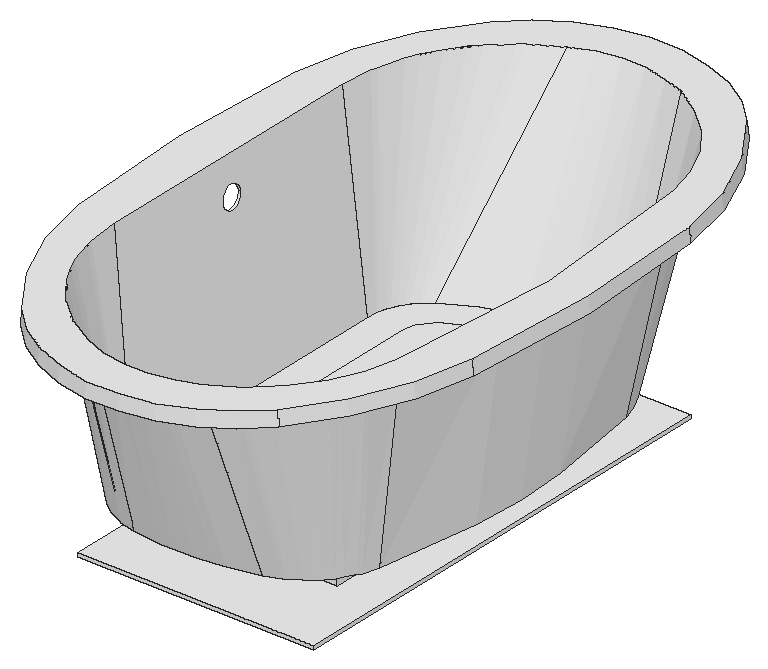
Revit family "Bathtub_Contemporary_Pacifica_ABA904L_TOTO", category Plumbing Fixtures, host Face, Revit 2013
Parameters
  ecoScorecard data = "http://products.ecoscorecard.com/toto/ABA904L"
  ecoScorecard Product Page = "http://toto.ecoscorecard.com/product/ABA904L?action=html"
  Width = 42"
  Waste Connection Radius = Waste Connection NPT / 2  # 1"
  Waste Connection NPT = 2"
  Warranty URL = "http://www.totousa.com/warranty-registration"
  Warranty = "1 Year Limited Warranty on acrylic tub; 1 Year Limited Warranty on components and parts"  # constant formula
  Voltage = 120 V
  URL = "http://www.totousa.com"
  Toto BIM Number = "BM-00158"  # constant formula
  Subcategory = "Bathtubs"  # constant formula
  Style = "Commercial"  # constant formula
  Spec Sheet URL = "http://www.totousa.com/Portals/0/ProductDownloads/SS-00193_ABA904.pdf"
  Shipping Weight = 150.00 lbf
  Series = "Pacifica"  # constant formula
  Product Page URL = " "
  Phase = 1
  Parts Manual URL = " "
  Owners Manual URL = "  "
  Number of Poles = 1
  Model = "ABA904L"  # constant formula
  Manufacturer Toll Free Phone = "1-888-295-8134"  # constant formula
  Manufacturer Phone = "(770) 282-8686"  # constant formula
  Manufacturer Fax = "(770) 282-0002"  # constant formula
  Manufacturer Email = "mailto:custservice@totousa.com "
  Manufacturer Address = "1155 Southern Road, Morrow, Georgia 30260"  # constant formula
  Manufacturer = "TOTO USA, Inc."  # constant formula
  Installation URL = " "
  Industry Standards = "1800 VA"
  Height = 24 7/8"
  Full Load Amps = 15 A
  Frequency = 60 Hz
  Finish = Metal - TOTO - Chrome - Polished
  Description = "Air Bathtub"  # constant formula
  Depth = 72"
  Default Elevation = 48"
  Cost Info = "mailto:custservice@totousa.com "
  Color Availability = "#01  Cotton, #12  Sedona Beige"  # constant formula
  CAD Drawing URL = "http://www.totousa.com/Portals/0/ProductDownloads/AD-00137_ABA904L.dxf"
  Bottom Plate = Metal - TOTO - Chrome - Polished
  Blower Motor Power = 746 W
  Assembly Code = "D2010510"
  Apparent Power = 0 VA
  95 CSI = "15410"
  04 CSI = "22 42 19"
Types (2): name | ecoScorecard Product Page
  (no name) | "http://toto.ecoscorecard.com/product/ABA904L?action=html"
  ABA904L | "  "
Reference planes (in)
  plane 1 "Center (Front/Back)": y = 0
  plane 2: z = 0
  plane 3 "Center (Left/Right)": x = 0
Dimensions and locks (in)
  aligned and locked: plane 2 to host face
  aligned and locked: level to host face
Nested families (in)
  nested 1: "ABA904L" at (0, 0, 0), type "ABA904L"
Connectors (in)
  piping at (-11.12598, 0, 3.87795), driven by "Waste Connection Radius"
    settings: on nested 1, index 1, connector radius 1", flow factor 0, pipe flow 0 GPM, pressure drop 0.00 psi, fitting loss kfactor 0, connector angle 0.00°, fixture units 0, engagement length 0", flow configuration 3, flow direction 2, fitting loss method 0, system type 16, joint type 0, gender type 0, connector reference index -1, connector utility 0, adjustable connector no, is connector primary yes, fitting loss table "", connector description "Waste Outlet Connection"
  electrical at (0, 0, 0.37402), driven by "Voltage", driven by "Apparent Power"
    settings: on nested 1, index 2, voltage 120 V, apparent load 0 VA, apparent load phase1 0 VA, apparent load phase2 0 VA, apparent load phase3 0 VA, power factor 1, load classification "Other", number of poles 1, system type 30, power factor state 1, is connector primary yes, connector utility no, sub classification motor no, connector description "Power Connection"
Definition of nested family "ABA904L"
  Parameters (values of type "ABA904L")
    ecoScorecard_data = ""
    ecoScorecard Product Page = ""
    Waste Connection Radius = Waste Connection NPT / 2  # 1"
    Waste Connection NPT = 2"
    Waste Connection = yes
    WFU = 0
    Voltage = 120 V
    Vent Connection = yes
    URL = "http://www.totousa.com"
    Toto Version = "V.01"  # constant formula
    Toto BIM Number = "BM-00158"  # constant formula
    Subcategory = "Baths"  # constant formula
    Shipping Weight = 150.00 lbf
    Series = "Pacifica"  # constant formula
    Product URL = "http://www.totousa.com/ProductDetail/tabid/75/Default.aspx?ProductId=48977f5f-a465-45be-bc1d-a4ea1bef5338&SearchId=0f5ff97b-e3c5-4b7a-b9a4-97cfa500d1ac"
    Phase = 1
    Number of Poles = 1
    Nominal Width = 42"  # constant formula
    Nominal Length = 72"  # constant formula
    Nominal Height = 24.87402"  # constant formula
    Model = "ABA904L"  # constant formula
    Manufacturer = "TOTO USA, Inc."  # constant formula
    HWFU = 0
    HW Connection = no
    Full Load Amps = 15 A
    Frequency = 60 Hz
    Finish = Metal - TOTO - Chrome - Polished
    Description = "Air Bathtub"
    Default Elevation = 0"
    CWFU = 0
    CW Connection = no
    CADworks URL = "http://www.CADworks.net"
    Bottom Plate = Metal - TOTO - Chrome - Polished
    Blower Motor Power = 745.7 VA
    Assembly Code = "D2010510"
    Apparent Power = Voltage * Full Load Amps  # 1800 VA
  Reference planes (in)
    plane 1 "Center (Front/Back)": y = 0
    plane 2: z = 0
    plane 3 "Center (Left/Right)": x = 0
    plane 4: x = -21
    plane 5: x = 21
    plane 6: y = 36
    plane 7 "Wall Closure": y = -36
    plane 8: z = 24.87402
    plane 9: z = 23.37402
    plane 10: z = 3.42913
    plane 11: z = 21.12205
    plane 12: z = 3.87795
    plane 13: x = -11.12598
    plane 14: z = 4.15354
  Forms (in)
    Extrusion 1, solid
      sketch origin (0, 0, 0) x (1, 0, 0) y (0, 1, 0)
        loop
          line (-48, 48) -> (-48, -48) -> (48, -48) -> (48, 48) -> (-48, 48)
      from 0 to -12
    Extrusion 2, solid, material "Metal - TOTO - Chrome - Polished" <- "Bottom Plate", detail levels fine
      sketch origin (0, 0, 0) x (1, 0, 0) y (0, 1, 0)
        loop
          line (-12, 24) -> (-12, -24) -> (12, -24) -> (12, 24) -> (-12, 24)
      from 0 to 0.37402
    Extrusion 3, solid, material "Metal - TOTO - Chrome - Polished" <- "Finish", detail levels medium+fine
      sketch origin (0, 0, 0.37402) x (1, 0, 0) y (0, 1, 0)
        loop
          line (-3.87402, 11.75197) -> (-3.87402, 15.25197) -> (-7.37402, 15.25197) -> (-7.37402, 11.75197) -> (-3.87402, 11.75197)
        loop
          line (3.87402, 11.75197) -> (7.37402, 11.75197) -> (7.37402, 15.25197) -> (3.87402, 15.25197) -> (3.87402, 11.75197)
        loop
          line (-3.87402, -11.75197) -> (-7.37402, -11.75197) -> (-7.37402, -15.25197) -> (-3.87402, -15.25197) -> (-3.87402, -11.75197)
        loop
          line (3.87402, -11.75197) -> (3.87402, -15.25197) -> (7.37402, -15.25197) -> (7.37402, -11.75197) -> (3.87402, -11.75197)
      from -0.37402 to 3.05512
    Blend 4, solid, material "Metal - TOTO - Chrome - Polished" <- "Finish", detail levels medium+fine
      base sketch origin (-49.69148, -180, 3.42913) x (-1, 0, 0) y (0, -1, 0)
        loop
          arc (-44.50644, -199.65354) -> (-41.72255, -198.50042) -> (-40.56943, -195.71654) r 3.93701
          line (-40.56943, -195.71654) -> (-40.56943, -182.09842)
          arc (-40.56943, -182.09842) -> (-40.60998, -181.849) -> (-40.72744, -181.62527) r 0.7874
          arc (-40.72744, -181.62527) -> (-41.27022, -180) -> (-40.72744, -178.37473) r 2.70472
          arc (-40.72744, -178.37473) -> (-40.60998, -178.151) -> (-40.56943, -177.90158) r 0.7874
          line (-40.56943, -177.90158) -> (-40.56943, -164.28346)
          arc (-40.56943, -164.28346) -> (-41.72255, -161.49958) -> (-44.50644, -160.34646) r 3.93701
          line (-44.50644, -160.34646) -> (-52.90801, -160.34646)
          arc (-52.90801, -160.34646) -> (-57.08384, -162.07614) -> (-58.81353, -166.25197) r 5.90551
          line (-58.81353, -166.25197) -> (-58.81353, -193.74803)
          arc (-58.81353, -193.74803) -> (-57.08384, -197.92386) -> (-52.90801, -199.65354) r 5.90551
          line (-52.90801, -199.65354) -> (-44.50644, -199.65354)
      top sketch origin (-49.69148, -180, 3.42913) x (-1, 0, 0) y (0, -1, 0)
        loop
          arc (-44.50644, -200.6378) -> (-41.02658, -199.19639) -> (-39.58518, -195.71654) r 4.92126
          line (-39.58518, -195.71654) -> (-39.58518, -183.09722)
          arc (-39.58518, -183.09722) -> (-39.70485, -182.62685) -> (-40.03476, -182.27086) r 0.98425
          arc (-40.03476, -182.27086) -> (-41.27022, -180) -> (-40.03476, -177.72914) r 2.70472
          arc (-40.03476, -177.72914) -> (-39.70485, -177.37315) -> (-39.58518, -176.90278) r 0.98425
          line (-39.58518, -176.90278) -> (-39.58518, -164.28346)
          arc (-39.58518, -164.28346) -> (-41.02658, -160.80361) -> (-44.50644, -159.3622) r 4.92126
          line (-44.50644, -159.3622) -> (-52.90801, -159.3622)
          arc (-52.90801, -159.3622) -> (-57.77981, -161.38017) -> (-59.79778, -166.25197) r 6.88976
          line (-59.79778, -166.25197) -> (-59.79778, -193.74803)
          arc (-59.79778, -193.74803) -> (-57.77981, -198.61983) -> (-52.90801, -200.6378) r 6.88976
          line (-52.90801, -200.6378) -> (-44.50644, -200.6378)
      from 0 to 0.44882
    Blend 5, solid, material "Metal - TOTO - Chrome - Polished" <- "Finish", detail levels medium+fine
      base sketch origin (-49.69148, -180, 3.87795) x (-1, 0, 0) y (0, -1, 0)
        loop
          line (-35.69148, -195.00235) -> (-35.69148, -164.99765)
          arc (-35.69148, -164.99765) -> (-37.70243, -159.56399) -> (-42.76626, -156.74864) r 8.34646
          arc (-42.76626, -156.74864) -> (-49.07688, -156.455) -> (-55.30705, -157.50149) r 29.72705
          arc (-55.30705, -157.50149) -> (-59.47991, -159.99244) -> (-61.81855, -164.25253) r 9.26772
          arc (-61.81855, -164.25253) -> (-63.69148, -180) -> (-61.81855, -195.74747) r 67.1383
          arc (-61.81855, -195.74747) -> (-59.47991, -200.00756) -> (-55.30705, -202.49851) r 9.26772
          arc (-55.30705, -202.49851) -> (-49.07688, -203.545) -> (-42.76626, -203.25136) r 29.72705
          arc (-42.76626, -203.25136) -> (-37.70243, -200.43601) -> (-35.69148, -195.00235) r 8.34646
      top sketch origin (-49.69148, -180, 3.87795) x (-1, 0, 0) y (0, -1, 0)
        loop
          line (-33.63242, -194.5) -> (-33.63242, -165.5)
          arc (-33.63242, -165.5) -> (-36.46812, -156.06795) -> (-44.03496, -149.76337) r 17.10421
          arc (-44.03496, -149.76337) -> (-49.66786, -148.61389) -> (-55.30076, -149.76337) r 14.37645
          arc (-55.30076, -149.76337) -> (-61.92864, -154.86372) -> (-65.24962, -162.53924) r 16.68752
          arc (-65.24962, -162.53924) -> (-66.60617, -180) -> (-65.24962, -197.46076) r 113.05139
          arc (-65.24962, -197.46076) -> (-61.92864, -205.13628) -> (-55.30076, -210.23663) r 16.68752
          arc (-55.30076, -210.23663) -> (-49.66786, -211.38611) -> (-44.03496, -210.23663) r 14.37645
          arc (-44.03496, -210.23663) -> (-36.46812, -203.93205) -> (-33.63242, -194.5) r 17.10421
      from 0 to 19.49606
    Blend 6, solid, material "Metal - TOTO - Chrome - Polished" <- "Finish", detail levels medium+fine
      base sketch origin (-49.69148, -180, 23.37402) x (-1, 0, 0) y (0, -1, 0)
        loop
          arc (-36.54187, -209.94094) -> (-31.82174, -202.4056) -> (-29.49857, -193.82283) r 30.22428
          arc (-29.49857, -193.82283) -> (-28.69098, -180) -> (-29.49857, -166.17717) r 118.70154
          arc (-29.49857, -166.17717) -> (-31.82174, -157.5944) -> (-36.54187, -150.05906) r 30.22428
          arc (-36.54187, -150.05906) -> (-49.69148, -144) -> (-62.84109, -150.05906) r 17.29843
          arc (-62.84109, -150.05906) -> (-67.56121, -157.5944) -> (-69.88439, -166.17717) r 30.22428
          arc (-69.88439, -166.17717) -> (-70.69198, -180) -> (-69.88439, -193.82283) r 118.70154
          arc (-69.88439, -193.82283) -> (-67.56121, -202.4056) -> (-62.84109, -209.94094) r 30.22428
          arc (-62.84109, -209.94094) -> (-49.69148, -216) -> (-36.54187, -209.94094) r 17.29843
      top sketch origin (-49.69148, -180, 23.37402) x (-1, 0, 0) y (0, -1, 0)
        loop
          arc (-29.63151, -193.80725) -> (-28.82484, -180) -> (-29.63151, -166.19275) r 118.56768
          arc (-29.63151, -166.19275) -> (-31.9444, -157.648) -> (-36.64363, -150.14603) r 30.09042
          arc (-36.64363, -150.14603) -> (-49.69148, -144.13386) -> (-62.73933, -150.14603) r 17.16457
          arc (-62.73933, -150.14603) -> (-67.43856, -157.648) -> (-69.75144, -166.19275) r 30.09042
          arc (-69.75144, -166.19275) -> (-70.55812, -180) -> (-69.75144, -193.80725) r 118.56768
          arc (-69.75144, -193.80725) -> (-67.43856, -202.352) -> (-62.73933, -209.85397) r 30.09042
          arc (-62.73933, -209.85397) -> (-49.69148, -215.86614) -> (-36.64363, -209.85397) r 17.16457
          arc (-36.64363, -209.85397) -> (-31.9444, -202.352) -> (-29.63151, -193.80725) r 30.09042
      from 0 to 1.5
    Blend 7, void
      base sketch origin (-49.69148, -180, 4.15354) x (0, -1, 0) y (1, 0, 0)
        loop
          line (-195.00913, 35.93557) -> (-164.99087, 35.93557)
          arc (-164.99087, 35.93557) -> (-162.0469, 36.66584) -> (-159.78553, 38.68732) r 6.29921
          arc (-159.78553, 38.68732) -> (-156.68766, 47.18788) -> (-158.02172, 56.13643) r 18.37603
          arc (-158.02172, 56.13643) -> (-160.64502, 59.70845) -> (-164.60844, 61.69145) r 9.44882
          arc (-164.60844, 61.69145) -> (-180, 63.44738) -> (-195.39156, 61.69145) r 68.33488
          arc (-195.39156, 61.69145) -> (-199.35498, 59.70845) -> (-201.97828, 56.13643) r 9.44882
          arc (-201.97828, 56.13643) -> (-203.31234, 47.18788) -> (-200.21447, 38.68732) r 18.37603
          arc (-200.21447, 38.68732) -> (-197.9531, 36.66584) -> (-195.00913, 35.93557) r 6.29921
      top sketch origin (-49.69148, -180, 4.15354) x (0, -1, 0) y (1, 0, 0)
        loop
          arc (-210.53524, 55.44289) -> (-211.83954, 49.66786) -> (-210.53524, 43.89283) r 13.43713
          arc (-210.53524, 43.89283) -> (-203.98256, 36.50984) -> (-194.5, 33.76628) r 17.75906
          line (-194.5, 33.76628) -> (-165.5, 33.76628)
          arc (-165.5, 33.76628) -> (-156.01744, 36.50984) -> (-149.46476, 43.89283) r 17.75906
          arc (-149.46476, 43.89283) -> (-148.16046, 49.66786) -> (-149.46476, 55.44289) r 13.43713
          arc (-149.46476, 55.44289) -> (-154.78938, 61.93656) -> (-162.52766, 65.19822) r 17.48203
          arc (-162.52766, 65.19822) -> (-180, 66.56692) -> (-197.47234, 65.19822) r 112.20759
          arc (-197.47234, 65.19822) -> (-205.21062, 61.93656) -> (-210.53524, 55.44289) r 17.48203
      from 0 to 20.72047
    Extrusion 8, void
      sketch origin (-49.69148, -180, 4.15354) x (0, -1, 0) y (-1, 0, 0)
        loop
          circle (-180, -38.56549) r 1
      from 0 to 0.27559
    Extrusion 9, solid, material "Metal - TOTO - Chrome - Polished" <- "Finish", detail levels medium+fine
      sketch origin (-49.69148, -180, 4.15354) x (-1, 0, 0) y (0, -1, 0)
        loop
          arc (-39.97126, -182.31071) -> (-41.27022, -180) -> (-39.97126, -177.68929) r 2.70472
          arc (-39.97126, -177.68929) -> (-39.62484, -177.33074) -> (-39.49857, -176.84843) r 0.98425
          line (-39.49857, -176.84843) -> (-39.49857, -165.0429)
          arc (-39.49857, -165.0429) -> (-39.96362, -163.27508) -> (-41.23839, -161.96496) r 3.59252
          arc (-41.23839, -161.96496) -> (-48.13606, -159.82602) -> (-55.23902, -161.1302) r 15.12012
          arc (-55.23902, -161.1302) -> (-57.29176, -162.696) -> (-58.44107, -165.00783) r 5.68898
          arc (-58.44107, -165.00783) -> (-60.19148, -180) -> (-58.44107, -194.99217) r 65.07898
          arc (-58.44107, -194.99217) -> (-57.29176, -197.304) -> (-55.23902, -198.8698) r 5.68898
          arc (-55.23902, -198.8698) -> (-48.13606, -200.17398) -> (-41.23839, -198.03504) r 15.12012
          arc (-41.23839, -198.03504) -> (-39.96362, -196.72492) -> (-39.49857, -194.9571) r 3.59252
          line (-39.49857, -194.9571) -> (-39.49857, -183.15157)
          arc (-39.49857, -183.15157) -> (-39.62484, -182.66926) -> (-39.97126, -182.31071) r 0.98425
      from -0.05906 to 0.05906
    Extrusion 10, void
      sketch origin (0, 0, 0) x (0, 1, 0) y (0, 0, 1)
        loop
          circle (0, 21.12205) r 1.18898
      from -21 to -11.12598
    Extrusion 11, solid, material "Metal - TOTO - Chrome - Polished" <- "Finish", detail levels coarse
      sketch origin (0, 0, 0) x (1, 0, 0) y (0, 1, 0)
        loop
          arc (-20.19291, 13.82283) -> (-21.0005, 0) -> (-20.19291, -13.82283) r 118.70154
          arc (-20.19291, -13.82283) -> (-17.86974, -22.4056) -> (-13.14961, -29.94094) r 30.22428
          arc (-13.14961, -29.94094) -> (0, -36) -> (13.14961, -29.94094) r 17.29843
          arc (13.14961, -29.94094) -> (17.86974, -22.4056) -> (20.19291, -13.82283) r 30.22428
          arc (20.19291, -13.82283) -> (21.0005, 0) -> (20.19291, 13.82283) r 118.70154
          arc (20.19291, 13.82283) -> (17.86974, 22.4056) -> (13.14961, 29.94094) r 30.22428
          arc (13.14961, 29.94094) -> (0, 36) -> (-13.14961, 29.94094) r 17.29843
          arc (-13.14961, 29.94094) -> (-17.86974, 22.4056) -> (-20.19291, 13.82283) r 30.22428
      from 0 to 24.87402
  Cuts and joins
    Blend 7, Extrusion 8, Extrusion 10 cuts Blend 5
    Blend 7, Extrusion 8, Extrusion 10 cuts Blend 6
    Extrusion 10 cuts Extrusion 9
    joined: Blend 5, Blend 6, Extrusion 9
    Extrusion 8 cuts Blend 4
  Lines and regions (in)
    symbolic lines
      curve 1: arc (-13.14961, 29.94094, 0) -> (0, 36, 0) -> (13.14961, 29.94094, 0) r 17.29843
      curve 2: arc (-20.19291, 13.82283, 0) -> (-17.86974, 22.4056, 0) -> (-13.14961, 29.94094, 0) r 30.22428
      curve 3: arc (13.14961, 29.94094, 0) -> (17.86974, 22.4056, 0) -> (20.19291, 13.82283, 0) r 30.22428
      curve 4: arc (20.19291, 13.82283, 0) -> (21.0005, 0, 0) -> (20.19291, -13.82283, 0) r 118.70154
      curve 5: arc (20.19291, -13.82283, 0) -> (17.86974, -22.4056, 0) -> (13.14961, -29.94094, 0) r 30.22428
      curve 6: arc (13.14961, -29.94094, 0) -> (0, -36, 0) -> (-13.14961, -29.94094, 0) r 17.29843
      curve 7: arc (-13.14961, -29.94094, 0) -> (-17.86974, -22.4056, 0) -> (-20.19291, -13.82283, 0) r 30.22428
      curve 8: arc (-20.19291, -13.82283, 0) -> (-21.0005, 0, 0) -> (-20.19291, 13.82283, 0) r 118.70154
    symbolic lines, detail levels medium+fine
      curve 9: arc (-13.04785, 29.85397, 0) -> (-17.74708, 22.352, 0) -> (-20.05997, 13.80725, 0) r 30.09042
      curve 10: arc (-20.05997, 13.80725, 0) -> (-20.86664, 0, 0) -> (-20.05997, -13.80725, 0) r 118.56768
      curve 11: arc (-20.05997, -13.80725, 0) -> (-17.74708, -22.352, 0) -> (-13.04785, -29.85397, 0) r 30.09042
      curve 12: arc (-13.04785, -29.85397, 0) -> (0, -35.86614, 0) -> (13.04785, -29.85397, 0) r 17.16457
      curve 13: arc (13.04785, -29.85397, 0) -> (17.74708, -22.352, 0) -> (20.05997, -13.80725, 0) r 30.09042
      curve 14: arc (20.05997, -13.80725, 0) -> (20.86664, 0, 0) -> (20.05997, 13.80725, 0) r 118.56768
      curve 15: arc (20.05997, 13.80725, 0) -> (17.74708, 22.352, 0) -> (13.04785, 29.85397, 0) r 30.09042
      curve 16: arc (13.04785, 29.85397, 0) -> (0, 35.86614, 0) -> (-13.04785, 29.85397, 0) r 17.16457
      curve 17: arc (-5.79865, -30.53524, 0) -> (-13.18164, -23.98256, 0) -> (-15.9252, -14.5, 0) r 17.75906
      curve 18: line (-15.9252, -14.5, 0) -> (-15.9252, 14.5, 0)
      curve 19: arc (-15.9252, 14.5, 0) -> (-13.18164, 23.98256, 0) -> (-5.79865, 30.53524, 0) r 17.75906
      curve 20: arc (-5.79865, 30.53524, 0) -> (-0.02362, 31.83954, 0) -> (5.75141, 30.53524, 0) r 13.43713
      curve 21: arc (5.75141, 30.53524, 0) -> (12.24509, 25.21062, 0) -> (15.50674, 17.47234, 0) r 17.48203
      curve 22: arc (15.50674, 17.47234, 0) -> (16.87544, 0, 0) -> (15.50674, -17.47234, 0) r 112.20759
      curve 23: arc (15.50674, -17.47234, 0) -> (12.24509, -25.21062, 0) -> (5.75141, -30.53524, 0) r 17.48203
      curve 24: arc (5.75141, -30.53524, 0) -> (-0.02362, -31.83954, 0) -> (-5.79865, -30.53524, 0) r 13.43713
      curve 25: arc (-11.00416, -20.21447, 0) -> (-2.5036, -23.31234, 0) -> (6.44495, -21.97828, 0) r 18.37603
      curve 26: arc (-13.75591, -15.00913, 0) -> (-13.02564, -17.9531, 0) -> (-11.00416, -20.21447, 0) r 6.29921
      curve 27: line (-13.75591, 15.00913, 0) -> (-13.75591, -15.00913, 0)
      curve 28: line (-10.19291, -3.15157, 0) -> (-10.19291, -14.9571, 0)
      curve 29: arc (-10.19291, -14.9571, 0) -> (-9.72786, -16.72492, 0) -> (-8.45309, -18.03504, 0) r 3.59252
      curve 30: arc (-8.45309, -18.03504, 0) -> (-1.55541, -20.17398, 0) -> (5.54754, -18.8698, 0) r 15.12012
      curve 31: arc (5.54754, -18.8698, 0) -> (7.60029, -17.304, 0) -> (8.74959, -14.99217, 0) r 5.68898
      curve 32: arc (8.74959, -14.99217, 0) -> (10.5, 0, 0) -> (8.74959, 14.99217, 0) r 65.07898
      curve 33: arc (6.44495, -21.97828, 0) -> (10.01697, -19.35498, 0) -> (11.99997, -15.39156, 0) r 9.44882
      curve 34: arc (11.99997, -15.39156, 0) -> (13.75591, 0, 0) -> (11.99997, 15.39156, 0) r 68.33488
      curve 35: arc (8.74959, 14.99217, 0) -> (7.60029, 17.304, 0) -> (5.54754, 18.8698, 0) r 5.68898
      curve 36: arc (5.54754, 18.8698, 0) -> (-1.55541, 20.17398, 0) -> (-8.45309, 18.03504, 0) r 15.12012
      curve 37: arc (11.99997, 15.39156, 0) -> (10.01697, 19.35498, 0) -> (6.44495, 21.97828, 0) r 9.44882
      curve 38: arc (6.44495, 21.97828, 0) -> (-2.5036, 23.31234, 0) -> (-11.00416, 20.21447, 0) r 18.37603
      curve 39: arc (-11.00416, 20.21447, 0) -> (-13.02564, 17.9531, 0) -> (-13.75591, 15.00913, 0) r 6.29921
      curve 40: arc (-8.45309, 18.03504, 0) -> (-9.72786, 16.72492, 0) -> (-10.19291, 14.9571, 0) r 3.59252
      curve 41: line (-10.19291, 14.9571, 0) -> (-10.19291, 3.15157, 0)
      curve 42: arc (-10.19291, 3.15157, 0) -> (-10.06664, 2.66926, 0) -> (-9.72022, 2.31071, 0) r 0.98425
      curve 43: arc (-9.72022, 2.31071, 0) -> (-8.42126, 0, 0) -> (-9.72022, -2.31071, 0) r 2.70472
      curve 44: arc (-9.72022, -2.31071, 0) -> (-10.06664, -2.66926, 0) -> (-10.19291, -3.15157, 0) r 0.98425
      curve 45: arc (-11.12598, 1, 0) -> (-10.12598, 0, 0) -> (-11.12598, -1, 0) r 1
      curve 46: arc (-11.12598, -1, 0) -> (-12.12598, 0, 0) -> (-11.12598, 1, 0) r 1
      curve 47: spline (-15.53239, 1.18808, 0) -> (-15.50024, 1.14903, 0) -> (-15.47025, 1.03113, 0) -> (-15.44447, 0.84245, 0) -> (-15.42468, 0.59596, 0) -> (-15.41224, 0.30857, 0) -> (-15.40799, 0, 0) -> (-15.41224, -0.30857, 0) -> (-15.42468, -0.59596, 0) -> (-15.44447, -0.84245, 0) -> (-15.47025, -1.03113, 0) -> (-15.50024, -1.14903, 0) -> (-15.53239, -1.18808, 0)
      curve 48: spline (-15.53239, -1.18808, 0) -> (-15.56454, -1.14903, 0) -> (-15.59454, -1.03113, 0) -> (-15.62031, -0.84245, 0) -> (-15.6401, -0.59596, 0) -> (-15.65255, -0.30857, 0) -> (-15.65679, 0, 0) -> (-15.65255, 0.30857, 0) -> (-15.6401, 0.59596, 0) -> (-15.62031, 0.84245, 0) -> (-15.59454, 1.03113, 0) -> (-15.56454, 1.14903, 0) -> (-15.53239, 1.18808, 0)
      curve 53: line (20.86664, 0, 24.87402) -> (-20.86664, 0, 24.87402)
      curve 54: line (-21.0005, 0, 23.37402) -> (21.0005, 0, 23.37402)
      curve 55: line (-14, 0, 3.87795) -> (14, 0, 3.87795)
      curve 56: line (-9.12205, 0, 3.42913) -> (9.12205, 0, 3.42913)
      curve 57: line (9.12205, 0, 3.42913) -> (10.1063, 0, 3.87795)
      curve 58: line (-9.12205, 0, 3.42913) -> (-10.1063, 0, 3.87795)
      curve 59: line (-14, 0, 3.87795) -> (-16.05906, 0, 23.37402)
      curve 60: line (-20.86664, 0, 24.87402) -> (-21.0005, 0, 23.37402)
      curve 61: line (20.86664, 0, 24.87402) -> (21.0005, 0, 23.37402)
      curve 62: line (14, 0, 3.87795) -> (16.91469, 0, 23.37402)
      curve 63: line (-7.37402, 0, 3.42913) -> (-7.37402, 0, 0.37402)
      curve 64: line (-3.87402, 0, 3.42913) -> (-3.87402, 0, 0.37402)
      curve 65: line (3.87402, 0, 3.42913) -> (3.87402, 0, 0.37402)
      curve 66: line (7.37402, 0, 3.42913) -> (7.37402, 0, 0.37402)
      curve 81: line (0, 35.86614, 24.87402) -> (0, -35.86614, 24.87402)
      curve 82: line (0, -36, 23.37402) -> (0, 36, 23.37402)
      curve 83: line (0, -23.59843, 3.87795) -> (0, 23.59843, 3.87795)
      curve 84: line (0, -19.65354, 3.42913) -> (0, 19.65354, 3.42913)
      curve 85: spline (0, -1.18806, 21.12205) -> (0, -1.14904, 20.81494) -> (0, -1.03115, 20.52846) -> (0, -0.84248, 20.28226) -> (0, -0.59599, 20.09324) -> (0, -0.30858, 19.97437) -> (0, 0, 19.93383) -> (0, 0.30858, 19.97437) -> (0, 0.59599, 20.09324) -> (0, 0.84248, 20.28226) -> (0, 1.03115, 20.52846) -> (0, 1.14904, 20.81494) -> (0, 1.18806, 21.12205)
      curve 86: spline (0, 1.18806, 21.12205) -> (0, 1.14904, 21.42915) -> (0, 1.03115, 21.71563) -> (0, 0.84248, 21.96184) -> (0, 0.59599, 22.15086) -> (0, 0.30858, 22.26972) -> (0, 0, 22.31027) -> (0, -0.30858, 22.26972) -> (0, -0.59599, 22.15086) -> (0, -0.84248, 21.96184) -> (0, -1.03115, 21.71563) -> (0, -1.14904, 21.42915) -> (0, -1.18806, 21.12205)
      curve 87: line (0, -35.86614, 24.87402) -> (0, -36, 23.37402)
      curve 88: line (0, 35.86614, 24.87402) -> (0, 36, 23.37402)
      curve 89: line (0, 23.59843, 3.87795) -> (0, 31.4022, 23.37402)
      curve 90: line (0, -23.59843, 3.87795) -> (0, -31.38611, 23.37402)
      curve 91: line (0, -19.65354, 3.42913) -> (0, -20.6378, 3.87795)
      curve 92: line (0, 19.65354, 3.42913) -> (0, 20.6378, 3.87795)
      curve 93: line (0, 15.25197, 3.42913) -> (0, 15.25197, 0.37402)
      curve 94: line (0, 11.75197, 3.42913) -> (0, 11.75197, 0.37402)
      curve 95: line (0, -11.75197, 3.42913) -> (0, -11.75197, 0.37402)
      curve 96: line (0, -15.25197, 3.42913) -> (0, -15.25197, 0.37402)
    symbolic lines, detail levels coarse
      curve 49: line (-21.0005, 0, 24.87402) -> (21.0005, 0, 24.87402)
      curve 50: line (-21.0005, 0, 0) -> (-21.0005, 0, 24.87402)
      curve 51: line (21.0005, 0, 0) -> (-21.0005, 0, 0)
      curve 52: line (21.0005, 0, 24.87402) -> (21.0005, 0, 0)
      curve 77: line (0, 36, 24.87402) -> (0, -36, 24.87402)
      curve 78: line (0, 36, 0) -> (0, 36, 24.87402)
      curve 79: line (0, -36, 0) -> (0, 36, 0)
      curve 80: line (0, -36, 24.87402) -> (0, -36, 0)
    symbolic lines, detail levels medium
      curve 67: line (-7.37402, 0, 0.37402) -> (-7.37402, 0, 0)
      curve 68: line (-7.37402, 0, 0) -> (-3.87402, 0, 0)
      curve 69: line (-3.87402, 0, 0) -> (-3.87402, 0, 0.37402)
      curve 70: line (3.87402, 0, 0.37402) -> (3.87402, 0, 0)
      curve 71: line (3.87402, 0, 0) -> (7.37402, 0, 0)
      curve 72: line (7.37402, 0, 0) -> (7.37402, 0, 0.37402)
      curve 97: line (0, -11.75197, 0.37402) -> (0, -11.75197, 0)
      curve 98: line (0, -11.75197, 0) -> (0, -15.25197, 0)
      curve 99: line (0, -15.25197, 0) -> (0, -15.25197, 0.37402)
      curve 100: line (0, 15.25197, 0.37402) -> (0, 15.25197, 0)
      curve 101: line (0, 15.25197, 0) -> (0, 11.75197, 0)
      curve 102: line (0, 11.75197, 0) -> (0, 11.75197, 0.37402)
    symbolic lines, detail levels fine
      curve 73: line (-12, 0, 0.37402) -> (12, 0, 0.37402)
      curve 74: line (-12, 0, 0) -> (-12, 0, 0.37402)
      curve 75: line (12, 0, 0) -> (-12, 0, 0)
      curve 76: line (12, 0, 0.37402) -> (12, 0, 0)
      curve 103: line (0, 24, 0.37402) -> (0, -24, 0.37402)
      curve 104: line (0, 24, 0) -> (0, 24, 0.37402)
      curve 105: line (0, -24, 0) -> (0, 24, 0)
      curve 106: line (0, -24, 0.37402) -> (0, -24, 0)
  Dimensions and locks (in)
    "Nominal Width": plane 4 to plane 5
    equal spacing: plane 4, plane 3 "Center (Left/Right)", plane 5
    "Nominal Length": plane 7 "Wall Closure" to plane 6
    equal spacing: plane 7 "Wall Closure", plane 1 "Center (Front/Back)", plane 6
    locked: Extrusion 2 sketch curve to Extrusion 2 sketch curve at 24
    equal spacing: Extrusion 2 sketch curve, plane 3 "Center (Left/Right)", Extrusion 2 sketch curve
    locked: Extrusion 2 sketch curve to Extrusion 2 sketch curve at 48
    equal spacing: Extrusion 2 sketch curve, plane 1 "Center (Front/Back)", Extrusion 2 sketch curve
    "Nominal Height": plane 8 to plane 2
    locked: plane 8 to plane 9 at 1.5
    locked: plane 8 to plane 11 at 3.75197
    locked: Extrusion 2 to plane 2 at 0.37402
    locked: Extrusion 3 sketch curve to Extrusion 3 sketch curve at 3.5  (x8)
    locked: plane 12 to plane 10 at 0.44882
    locked: plane 4 to plane 13 at 9.87402
    locked: plane 14 to plane 12 at 0.27559
    locked: plane 13 to Extrusion 8 sketch curve at 0
    locked: Extrusion 8 sketch curve to plane 1 "Center (Front/Back)" at 0
    Extrusion 9 to plane 14 to Extrusion 9 = 0.05906" locked, 0.05906" locked
    locked: Extrusion 10 sketch curve to plane 1 "Center (Front/Back)" at 0
    locked: Extrusion 10 sketch curve to plane 11 at 0
    Blend 6 sketch curve to Blend 6 sketch curve to plane 1 "Center (Front/Back)" to Blend 6 sketch curve to Blend 6 sketch curve = 16.11811" locked, 13.82283" locked, 13.82283" locked, 16.11811" locked  (x2)
    Blend 6 sketch curve to Blend 6 sketch curve to plane 3 "Center (Left/Right)" to Blend 6 sketch curve to Blend 6 sketch curve = 7.04331" locked, 13.14961" locked, 13.14961" locked, 7.04331" locked  (x2)
    Blend 6 sketch curve to Blend 6 sketch curve to plane 1 "Center (Front/Back)" to Blend 6 sketch curve to Blend 6 sketch curve = 16.04673" locked, 13.80725" locked, 13.80725" locked, 16.04673" locked  (x2)
    Blend 6 sketch curve to Blend 6 sketch curve to plane 3 "Center (Left/Right)" to Blend 6 sketch curve to Blend 6 sketch curve = 7.01211" locked, 13.04785" locked, 13.04785" locked, 7.01211" locked  (x2)
    Blend 7 sketch curve to Blend 7 sketch curve to plane 1 "Center (Front/Back)" to Blend 7 sketch curve to Blend 7 sketch curve = 5.20534" locked, 15.00913" locked, 15.00913" locked, 5.20534" locked
    Blend 7 sketch curve to Blend 7 sketch curve to plane 1 "Center (Front/Back)" to Blend 7 sketch curve to Blend 7 sketch curve = 6.58672" locked, 15.39156" locked, 15.39156" locked, 6.58672" locked
    Blend 7 sketch curve to Blend 7 sketch curve to plane 3 "Center (Left/Right)" to Blend 7 sketch curve to Blend 7 sketch curve = 2.75175" locked, 11.00416" locked, 6.44495" locked, 5.55501" locked
    Blend 7 sketch curve to plane 3 "Center (Left/Right)" to Blend 7 sketch curve to Blend 7 sketch curve = 11.00416" locked, 6.44495" locked, 5.55501" locked
    Blend 7 sketch curve to Blend 7 sketch curve to plane 1 "Center (Front/Back)" to Blend 7 sketch curve to Blend 7 sketch curve = 16.03524" locked, 14 1/2" locked, 14 1/2" locked, 16.03524" locked
    Blend 7 sketch curve to Blend 7 sketch curve to plane 1 "Center (Front/Back)" to Blend 7 sketch curve to Blend 7 sketch curve = 13.0629" locked, 17.47234" locked, 17.47234" locked, 13.0629" locked
    Blend 7 sketch curve to Blend 7 sketch curve to plane 3 "Center (Left/Right)" to Blend 7 sketch curve to Blend 7 sketch curve = 10.12654" locked, 5.79865" locked, 5.75141" locked, 9.75534" locked
    Blend 7 sketch curve to plane 3 "Center (Left/Right)" to Blend 7 sketch curve to Blend 7 sketch curve = 5.79865" locked, 5.75141" locked, 9.75534" locked
    Extrusion 9 sketch curve to Extrusion 9 sketch curve to Extrusion 9 sketch curve to Extrusion 9 sketch curve to plane 1 "Center (Front/Back)" to Extrusion 9 sketch curve to Extrusion 9 sketch curve to Extrusion 9 sketch curve to Extrusion 9 sketch curve = 3.07794" locked, 11.80553" locked, 0.84087" locked, 2.31071" locked, 2.31071" locked, 0.84087" locked, 11.80553" locked, 3.07794" locked
    Extrusion 9 sketch curve to Extrusion 9 sketch curve to plane 1 "Center (Front/Back)" to Extrusion 9 sketch curve to Extrusion 9 sketch curve = 3.87763" locked, 14 127/128" locked, 14 127/128" locked, 3.87763" locked
    Extrusion 9 sketch curve to Extrusion 9 sketch curve to plane 3 "Center (Left/Right)" to Extrusion 9 sketch curve to Extrusion 9 sketch curve = 1.73983" locked, 8.45309" locked, 5.54754" locked, 3.20205" locked  (x2)
    locked: Extrusion 9 sketch curve to Extrusion 9 sketch curve at 0.47269  (x2)
    Blend 4 sketch curve to Blend 4 sketch curve to Blend 4 sketch curve to Blend 4 sketch curve to plane 1 "Center (Front/Back)" to Blend 4 sketch curve to Blend 4 sketch curve to Blend 4 sketch curve to Blend 4 sketch curve = 3.93701" locked, 13.61811" locked, 0.47315" locked, 1.62527" locked, 1.62527" locked, 0.47315" locked, 13.61811" locked, 3.93701" locked
    Blend 4 sketch curve to plane 1 "Center (Front/Back)" to Blend 4 sketch curve = 13.74803" locked, 13.74803" locked  (x2)
    Blend 4 sketch curve to Blend 4 sketch curve to plane 3 "Center (Left/Right)" to Blend 4 sketch curve to Blend 4 sketch curve = 3.93701" locked, 5.18504" locked, 3.21654" locked, 5.90551" locked
    locked: Blend 4 sketch curve to Blend 4 sketch curve at 0.15801  (x2)
    Blend 4 sketch curve to plane 3 "Center (Left/Right)" to Blend 4 sketch curve = 5.18504" locked, 3.21654" locked
    Blend 4 sketch curve to Blend 4 sketch curve to Blend 4 sketch curve to Blend 4 sketch curve to plane 1 "Center (Front/Back)" to Blend 4 sketch curve to Blend 4 sketch curve to Blend 4 sketch curve to Blend 4 sketch curve = 4.92126" locked, 12.61931" locked, 0.82637" locked, 2.27086" locked, 2.27086" locked, 0.82637" locked, 12.61931" locked, 4.92126" locked
    Blend 4 sketch curve to Blend 4 sketch curve to plane 3 "Center (Left/Right)" to Blend 4 sketch curve to Blend 4 sketch curve = 4.92126" locked, 5.18504" locked, 3.21654" locked, 6.88976" locked
    locked: Blend 4 sketch curve to Blend 4 sketch curve at 0.44958  (x2)
    Blend 4 sketch curve to Blend 4 sketch curve to plane 3 "Center (Left/Right)" to Blend 4 sketch curve = 4.92126" locked, 5.18504" locked, 3.21654" locked
    locked: plane 1 "Center (Front/Back)" to cut or joined group of Blend 5, Blend 6, Blend 7, Extrusion 8, Extrusion 9, Extrusion 10 at 13.80725
    locked: cut or joined group of Blend 5, Blend 6, Blend 7, Extrusion 8, Extrusion 9, Extrusion 10 to plane 6 at 22.19275
    locked: plane 1 "Center (Front/Back)" to cut or joined group of Blend 5, Blend 6, Blend 7, Extrusion 8, Extrusion 9, Extrusion 10 at 14.5
    locked: cut or joined group of Blend 5, Blend 6, Blend 7, Extrusion 8, Extrusion 9, Extrusion 10 to plane 6 at 21.5
    locked: Extrusion 3 sketch curve to plane 3 "Center (Left/Right)" at 3.87402  (x2)
    locked: plane 3 "Center (Left/Right)" to Extrusion 3 sketch curve at 3.87402  (x2)
    locked: Extrusion 3 sketch curve to plane 1 "Center (Front/Back)" at 11.75197  (x2)
    locked: plane 1 "Center (Front/Back)" to Extrusion 3 sketch curve at 11.75197  (x2)
    locked: plane 9 to plane 12 at 19.49606
    Blend 5 sketch curve to plane 3 "Center (Left/Right)" to Blend 5 sketch curve = 14" locked, 14" locked
    Blend 5 sketch curve to plane 1 "Center (Front/Back)" to Blend 5 sketch curve = 23.25136" locked, 23.25136" locked
    "Waste Connection Radius": radius of Extrusion 8 sketch curve
    radius of Extrusion 10 sketch curve = 1.18898"
    radius of Blend 6 sketch curve = 17.29843"  (x2)
    radius of Blend 6 sketch curve = 30.22428"  (x4)
    radius of Blend 6 sketch curve = 118.70154"  (x2)
    radius of Blend 6 sketch curve = 17.16457"  (x2)
    radius of Blend 6 sketch curve = 30.09042"  (x4)
    radius of Blend 6 sketch curve = 118.56768"  (x2)
    radius of Blend 7 sketch curve = 6.29921"  (x2)
    radius of Blend 7 sketch curve = 18.37603"  (x2)
    radius of Blend 7 sketch curve = 9.44882"  (x2)
    radius of Blend 7 sketch curve = 68.33488"
    radius of Blend 7 sketch curve = 17.48203"  (x2)
    radius of Blend 7 sketch curve = 13.43713"  (x2)
    radius of Blend 7 sketch curve = 17.75906"  (x2)
    radius of Blend 7 sketch curve = 112.20759"
    radius of Extrusion 9 sketch curve = 15.12012"  (x2)
    radius of Extrusion 9 sketch curve = 3.59252"  (x2)
    radius of Extrusion 9 sketch curve = 5.68898"  (x2)
    radius of Extrusion 9 sketch curve = 65.07898"
    radius of Extrusion 9 sketch curve = 0.98425"  (x2)
    radius of Extrusion 9 sketch curve = 2.70472"
    radius of Blend 4 sketch curve = 3.93701"  (x2)
    radius of Blend 4 sketch curve = 5.90551"  (x2)
    radius of Blend 4 sketch curve = 0.7874"  (x2)
    radius of Blend 4 sketch curve = 2.70472"  (x2)
    radius of Blend 4 sketch curve = 4.92126"  (x2)
    radius of Blend 4 sketch curve = 6.88976"  (x2)
    radius of Blend 4 sketch curve = 0.98425"  (x2)
    aligned and locked: plane 2 to Extrusion 1
    aligned and locked: level to Extrusion 1
    aligned: Extrusion 3 to Extrusion 2
    aligned and locked: plane 10 to Extrusion 3
    aligned and locked: Blend 4 to plane 10
    aligned and locked: plane 12 to Blend 4
    aligned and locked: Blend 5 to plane 12
    aligned and locked: plane 9 to Blend 5
    aligned and locked: Blend 6 to plane 9
    aligned and locked: plane 8 to Blend 6
    aligned and locked: plane 8 to Blend 7
    aligned: plane 14 to cut or joined group of Blend 5, Blend 6, Blend 7, Extrusion 8, Extrusion 9, Extrusion 10
    aligned: cut or joined group of Blend 5, Blend 6, Blend 7, Extrusion 8, Extrusion 9, Extrusion 10 to cut or joined group of Blend 5, Blend 6, Blend 7, Extrusion 8, Extrusion 9, Extrusion 10
    aligned: cut or joined group of Blend 5, Blend 6, Blend 7, Extrusion 8, Extrusion 9, Extrusion 10 to plane 4
    aligned: plane 13 to cut or joined group of Blend 5, Blend 6, Blend 7, Extrusion 8, Extrusion 9, Extrusion 10
    aligned and locked: Extrusion 2 to plane 2
    aligned: cut or joined group of Blend 5, Blend 6, Blend 7, Extrusion 8, Extrusion 9, Extrusion 10 to plane 14
    aligned and locked: Extrusion 9 sketch curve to cut or joined group of Blend 4, Extrusion 8
    aligned and locked: cut or joined group of Blend 5, Blend 6, Blend 7, Extrusion 8, Extrusion 9, Extrusion 10 to plane 12
    aligned and locked: cut or joined group of Blend 5, Blend 6, Blend 7, Extrusion 8, Extrusion 9, Extrusion 10 to plane 4
    aligned and locked: plane 13 to cut or joined group of Blend 5, Blend 6, Blend 7, Extrusion 8, Extrusion 9, Extrusion 10
    aligned and locked: cut or joined group of Blend 5, Blend 6, Blend 7, Extrusion 8, Extrusion 9, Extrusion 10 to plane 14
    aligned and locked: Extrusion 3 to level
  Automatic sketch dimensions
    Extrusion 1 sketch curve to Extrusion 1 sketch curve = 96"  (x2)
    plane 1 "Center (Front/Back)" to Blend 5 sketch curve = 0"
    Blend 5 sketch curve to Blend 5 sketch curve = 0"  (x11)
    plane 3 "Center (Left/Right)" to Blend 5 sketch curve = 5.61557"  (x2)
    plane 3 "Center (Left/Right)" to Blend 5 sketch curve = 3.11789"  (x2)
    Blend 5 sketch curve to plane 3 "Center (Left/Right)" = 2.39597"  (x2)
    plane 13 to Blend 5 sketch curve = 5.47244"  (x2)
    plane 13 to Blend 5 sketch curve = 4.20076"  (x2)
    Blend 5 sketch curve to plane 1 "Center (Front/Back)" = 0"
    plane 5 to Blend 5 sketch curve = 5.44186"  (x2)
    plane 3 "Center (Left/Right)" to Blend 5 sketch curve = 5.60928"
    plane 3 "Center (Left/Right)" to Blend 5 sketch curve = 1.04515"  (x2)
    Blend 5 sketch curve to plane 3 "Center (Left/Right)" = 0.02362"  (x2)
    Blend 5 sketch curve to plane 3 "Center (Left/Right)" = 0.92913"  (x2)
    plane 13 to Blend 5 sketch curve = 5.46946"  (x2)
    Blend 5 sketch curve to plane 13 = 4.93307"
    Blend 5 sketch curve to plane 1 "Center (Front/Back)" = 14 1/2"
    curve 1 to plane 3 "Center (Left/Right)" = 0"
    curve 1 to plane 13 = 2.02362"
    curve 2 to curve 1 = 0"
    plane 4 to curve 2 = 0.80709"
    plane 3 "Center (Left/Right)" to curve 2 = 9.82574"
    plane 6 to curve 1 = 6.05906"
    plane 3 "Center (Left/Right)" to curve 1 = 13.14961"
    curve 1 to curve 1 = 11.23938"
    plane 13 to curve 3 = 1.30025"
    curve 3 to curve 1 = 0"
    plane 5 to curve 3 = 0.80709"
    curve 4 to plane 1 "Center (Front/Back)" = 0"
    curve 4 to curve 3 = 0"
    plane 5 to curve 4 = 0.80709"
    plane 13 to curve 5 = 1.30025"
    plane 5 to curve 5 = 7.85039"
    curve 5 to curve 4 = 0"
    curve 6 to plane 3 "Center (Left/Right)" = 0"
    curve 6 to plane 13 = 2.02362"
    curve 6 to curve 5 = 0"
    plane 4 to curve 7 = 0.80709"
    curve 7 to curve 6 = 0"
    plane 1 "Center (Front/Back)" to curve 7 = 10.30321"
    curve 8 to curve 2 = 0"
    curve 1 to curve 16 = 0"  (x2)
    curve 2 to curve 9 = 0"  (x2)
    curve 3 to curve 15 = 0"  (x2)
    curve 4 to curve 14 = 0"  (x2)
    curve 5 to curve 13 = 0"  (x2)
    curve 6 to curve 12 = 0"  (x2)
    curve 7 to curve 11 = 0"  (x2)
    curve 8 to curve 10 = 0"  (x2)
    curve 7 to curve 11 = 0.13295"
    curve 10 to curve 11 = 0"
    curve 9 to curve 10 = 0"
    curve 16 to curve 9 = 0"
    curve 12 to curve 11 = 0"
    curve 15 to curve 16 = 0"
    curve 13 to curve 12 = 0"
    curve 14 to curve 13 = 0"
    curve 22 to plane 1 "Center (Front/Back)" = 0"
    curve 4 to curve 22 = 2.36889"
    curve 11 to curve 17 = 4.13477"
    plane 13 to curve 24 = 5.32733"
    plane 13 to curve 19 = 5.32733"
    curve 17 to curve 24 = 0"
    curve 20 to curve 19 = 0"
    curve 21 to plane 3 "Center (Left/Right)" = 1.76204"
    curve 23 to plane 3 "Center (Left/Right)" = 1.76204"
    curve 24 to plane 3 "Center (Left/Right)" = 0.02362"
    curve 20 to plane 3 "Center (Left/Right)" = 0.02362"
    plane 3 "Center (Left/Right)" to curve 19 = 1.83386"
    plane 3 "Center (Left/Right)" to curve 17 = 1.83386"
    plane 3 "Center (Left/Right)" to curve 21 = 5.75141"
    curve 20 to curve 21 = 0"
    plane 3 "Center (Left/Right)" to curve 23 = 5.75141"
    curve 24 to curve 23 = 0"
    plane 5 to curve 22 = 5.49326"  (x2)
    curve 21 to curve 22 = 0"
    curve 17 to curve 26 = 2.16929"
    plane 13 to curve 25 = 0.12183"
    curve 26 to curve 25 = 0"
    plane 13 to curve 26 = 3.66929"
    curve 25 to plane 3 "Center (Left/Right)" = 0.65551"
    plane 3 "Center (Left/Right)" to curve 25 = 6.44495"
    curve 25 to curve 6 = 3.27671"
    curve 19 to curve 27 = 0.50913"
    plane 13 to curve 29 = 0.93307"
    plane 13 to curve 29 = 2.6729"
    curve 26 to curve 29 = 0.8563"
    curve 29 to curve 26 = 3.02591"
    plane 1 "Center (Front/Back)" to curve 28 = 3.15157"
    curve 30 to curve 29 = 0"
    curve 30 to curve 25 = 0"
    curve 30 to curve 25 = 0.89741"
    curve 17 to curve 31 = 1.37977"
    curve 31 to curve 30 = 0"
    curve 31 to curve 7 = 1.07614"
    plane 1 "Center (Front/Back)" to curve 32 = 0"
    curve 32 to curve 31 = 0"
    curve 32 to curve 9 = 1.07614"
    curve 33 to curve 31 = 0.41969"
    curve 33 to curve 25 = 0"
    curve 32 to curve 33 = 3.25037"
    curve 32 to curve 34 = 0"
    curve 32 to curve 34 = 3.25037"
    curve 34 to curve 33 = 0"
    curve 19 to curve 35 = 1.37977"
    curve 35 to curve 32 = 3.20205"
    curve 35 to curve 32 = 0"
    plane 13 to curve 36 = 2.6729"
    curve 36 to plane 3 "Center (Left/Right)" = 0.65551"
    curve 36 to curve 35 = 0"
    curve 37 to curve 35 = 0.41969"
    curve 35 to curve 37 = 0.89741"
    curve 37 to curve 34 = 0"
    plane 13 to curve 38 = 0.12183"
    curve 38 to curve 36 = 0"
    curve 38 to curve 37 = 0"
    plane 13 to curve 40 = 0.93307"
    curve 40 to curve 36 = 0"
    curve 41 to plane 1 "Center (Front/Back)" = 3.15157"
    curve 41 to curve 42 = 0.47269"
    curve 42 to curve 42 = 0.98425"
    plane 1 "Center (Front/Back)" to curve 43 = 0"
    curve 43 to curve 42 = 0"
    curve 28 to curve 43 = 0.47269"
    curve 43 to curve 45 = 0"  (x2)
    plane 1 "Center (Front/Back)" to curve 45 = 1"
    plane 1 "Center (Front/Back)" to curve 48 = 0"
    plane 1 "Center (Front/Back)" to curve 47 = 0"
    plane 1 "Center (Front/Back)" to curve 48 = 1.1881"
    curve 48 to plane 13 = 4.4071"
    curve 48 to curve 48 = 0.00069"
    curve 48 to curve 47 = 0.00069"
    curve 48 to curve 47 = 0"  (x2)
    Extrusion 11 sketch curve to plane 1 "Center (Front/Back)" = 0"
    Extrusion 11 sketch curve to plane 3 "Center (Left/Right)" = 0"  (x2)
    plane 1 "Center (Front/Back)" to Extrusion 11 sketch curve = 0"
    plane 13 to Extrusion 11 sketch curve = 1.30025"  (x2)
    Extrusion 11 sketch curve to plane 13 = 2.02362"  (x2)
    Extrusion 11 sketch curve to Extrusion 11 sketch curve = 0"  (x7)
    plane 4 to Extrusion 11 sketch curve = 0.80709"  (x2)
    Extrusion 11 sketch curve to plane 4 = 76.70104"
    plane 3 "Center (Left/Right)" to Extrusion 11 sketch curve = 9.82574"  (x2)
    plane 7 "Wall Closure" to Extrusion 11 sketch curve = 6.05906"
    plane 3 "Center (Left/Right)" to Extrusion 11 sketch curve = 13.14961"
    plane 5 to Extrusion 11 sketch curve = 7.85039"
    plane 5 to Extrusion 11 sketch curve = 0.80709"
    curve 60 to plane 9 = 0"
    curve 50 to level = 0"
    curve 50 to plane 8 = 0"
    curve 60 to plane 8 = 0"
    curve 59 to plane 12 = 0"
    curve 74 to level = 0"
    curve 56 to plane 10 = 0"
    curve 68 to level = 0"
    curve 71 to level = 0"
    curve 60 to plane 4 = 0.0005"
    plane 4 to curve 60 = 0.13336"
    curve 59 to plane 13 = 4.93307"
    curve 59 to plane 13 = 2.87402"
    curve 74 to plane 13 = 0.87402"
    plane 13 to curve 58 = 1.01969"
    curve 58 to curve 56 = 0.98425"
    level to curve 67 = 0.37402"
    curve 56 to curve 67 = 1.74803"
    curve 67 to curve 68 = 3 1/2"
    plane 3 "Center (Left/Right)" to curve 65 = 3.87402"
    curve 65 to curve 66 = 3 1/2"
    curve 66 to curve 57 = 1.74803"
    curve 56 to curve 57 = 0.98425"
    curve 57 to curve 76 = 1.8937"
    curve 57 to curve 55 = 3.8937"
    plane 5 to curve 62 = 4.08531"
    plane 5 to curve 53 = 0.13336"
    curve 51 to plane 5 = 0.0005"
    curve 71 to curve 65 = 0.37402"
    curve 71 to curve 66 = 0.37402"
    curve 74 to curve 73 = 0.37402"
    curve 68 to curve 69 = 0.37402"
    curve 77 to plane 7 "Wall Closure" = 0"
    curve 87 to plane 8 = 0"
    curve 90 to plane 9 = 0"
    curve 105 to level = 0"
    curve 90 to plane 12 = 0"
    curve 91 to plane 10 = 0"
    curve 99 to level = 0"
    curve 97 to level = 0"
    curve 85 to plane 11 = 0"
    curve 85 to plane 1 "Center (Front/Back)" = 0"
    curve 86 to plane 1 "Center (Front/Back)" = 0"
    curve 102 to level = 0"
    curve 88 to plane 6 = 0"
    curve 80 to plane 8 = 0"
    curve 77 to curve 87 = 0.13386"
    curve 82 to curve 90 = 4.61389"
    level to curve 103 = 0.37402"
    plane 7 "Wall Closure" to curve 103 = 12"
    curve 103 to curve 90 = 0.40157"
    curve 83 to curve 91 = 2.96063"
    curve 91 to curve 91 = 0.98425"
    curve 84 to curve 96 = 4.40157"
    curve 96 to curve 95 = 3 1/2"
    curve 85 to plane 11 = 0.00671"
    plane 1 "Center (Front/Back)" to curve 85 = 1.18808"
    plane 11 to curve 86 = 0.00671"
    curve 86 to curve 86 = 0"
    curve 102 to plane 1 "Center (Front/Back)" = 11.75197"
    curve 94 to curve 93 = 3 1/2"
    curve 93 to curve 92 = 4.40157"
    curve 84 to curve 92 = 0.98425"
    curve 92 to curve 83 = 2.96063"
    curve 83 to curve 103 = 0.40157"
    curve 89 to curve 82 = 4.5978"
    plane 6 to curve 81 = 0.13386"
    curve 98 to curve 97 = 0.37402"
    curve 101 to curve 94 = 0.37402"
    curve 101 to curve 100 = 0.37402"
    curve 98 to curve 99 = 0.37402"
